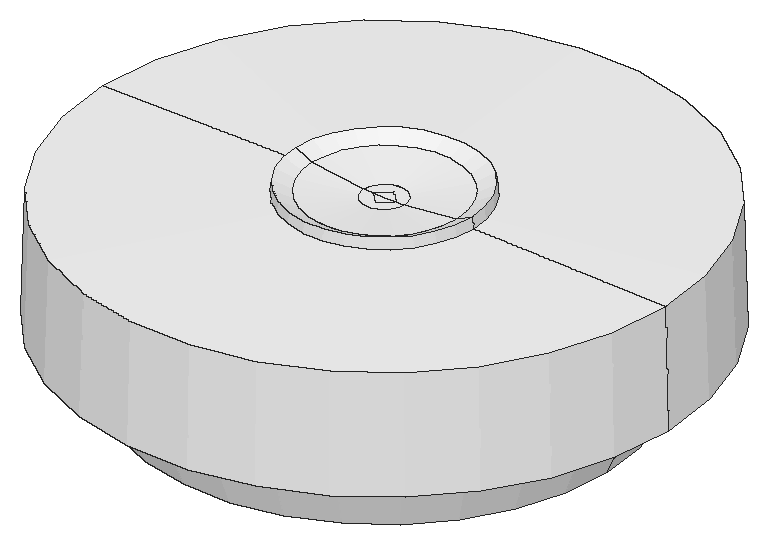
Revit family "Gira_114502", category Electrical Fixtures, host Face, Revit 2017
Family settings
  Host = Face
  Maintain Annotation Orientation = No
  Round Connector Dimension = Use Diameter
  Part Type = Normal
  Cut with Voids When Loaded = No
  Shared = No
  Room Calculation Point = No
Parameters (values of type "SAD Basic Q Smoke alarm device p.white")
  With voltage indication = "No"
  With socket = "Yes"
  With orientation lighting = "No"
  With backup battery = "No"
  Voltage type of supply voltage = "Ac"
  VdS accepted = "No"
  URL = "http://katalog.gira.de/en/datenblatt.html?artikelnr=114502"
  Type of test-/pause button = "Test button"
  Supply voltage = "9 - 9"
  Suitable for duct mounting = "No"
  Standard networkable via radio = "No"
  Standalone = "Yes"
  Smoke switcher = "No"
  Operating principle = "Optic"
  Networkable via radio optional = "No"
  Networkable via cable = "No"
  Name = "SAD Basic Q Smoke alarm device p.white"
  Mounting method = "Surface mounting"
  Manufacturer URL = "https://www.gira.de/"
  Manufacturer = "Gira"
  Loudness = "85"
  Keynote = ""
  HeinzeBIM = "https://bimportal.heinze.de/bim/sad-basic-q-smoke-alarm-device-p-white/8cf41ba53391df8e36dfc9b9fa6a0fecfa96294c"
  Height = "0.0385"
  HAN = "114502"
  GTIN = "4010337013525"
  Explosion-tested version = "No"
  Diameter = "0.125"
  Description = "SAD Basic Q SAD PW,Smoke alarm device Basic Q,,pure white glossy,Increased quality criteria and technical advancements in smoke alarm devices are indicated on the market with the new Q test mark. The new Q-Label is an autonomous, manufacturer-independent quality mark for high-quality smoke alarm devices which undergo special testing for long-term use. The latest generation of Gira smoke alarm devices fulfil the criteria of the new Q-Label quality mark. The smoke alarm devices operate based on the photoelectric scattered light principle without radioactive particles. The smoke alarm devices detect smoke accumulation early and emit a warning signal before the concentration of smoke can become hazardous to people. Alerting occurs via a loud pulsing alarm tone and a flashing LED.,,Features:,- Use in private residential units or similarly inhabited areas only in accordance with DIN 14676.,Q-Label:,- Tested durability and reduction of deceptive alarms.,- Increased stability, e.g. against external factors.,- Permanently installed battery with a service life of up to 10 years.,- Design A as per DIN EN 14604.,- KRIWAN approval.,- Integrated function button for function test.,- Fault indication.,- Weak battery indication."
  Degree of protection (IP) = "IP42"
  Default Elevation = 1219.2 mm
  Data sheet (1) = "https://katalog.gira.de/en/download.html?artikelnr=114502"
  Current supply primary = "Battery/accumulator"
  Colour = "White"
  Category = "Fire detector"
  Cable entry = "Bottom side"
  Backup battery included = "None"
  BIM (1) = "https://media.stage.bim.site/public/gira/36a6b08/Rauchwarnmelder.rfa"
  Available = "No"
Reference planes
  plane 1 "Center (Front/Back)": y = 0
  plane 2: z = 0
  plane 3 "Center (Left/Right)": x = 0
Forms (mm)
  Revolve 1, solid, material "White", detail levels fine
    sketch origin (0, 0, 0) x (1, 0, 0) y (0, 0, 1)
      loop
        line (-59.729, 35.831) -> (-60.451, 12.502) -> (-52.923, 12.502) -> (-47.377, 0) -> (0, 0) -> (0, 35.656) -> (-2.39, 35.656) -> (-4.368, 35.729) -> (-15.386, 36.955) -> (-18.732, 38.567) -> (-18.998, 36.391) -> (-59.729, 35.831)
      axis (0, 38.567) -> (0, 0)
    angle from 0 to 360
  Extrusion 2, solid, material "White", detail levels medium
    sketch origin (0, 0, 0) x (1, 0, 0) y (0, 1, 0)
      loop
        circle (0, 0) r 60.451
    from 0 to 36.391
  Extrusion 3, solid, material "White", detail levels medium
    sketch origin (0, 0, 0) x (1, 0, 0) y (0, 1, 0)
      loop
        circle (0, 0) r 18.998
    from 36.391 to 38.567
  Extrusion 4, solid, material "White", detail levels coarse
    sketch origin (0, 0, 0) x (1, 0, 0) y (0, 1, 0)
      loop
        circle (0, 0) r 60.451
    from 0 to 38.567
Dimensions and locks
  aligned and locked: plane 2 to host face
  aligned and locked: level to host face
Nested families
  nested 1: "DE_Smoke Detector_2" at (0, 0, 0), type "DE_Smoke Detector_2"
Connectors
  electrical at (0, 0, 0)
    settings: on Revolve 1, index 1, voltage 1200 V, apparent load 0 VA, apparent load phase1 0 VA, apparent load phase2 0 VA, apparent load phase3 0 VA, power factor 1, load classification "Other", number of poles 1, system type 30, power factor state 1, is connector primary yes, connector utility no, sub classification motor no, connector description ""
Definition of nested family "DE_Smoke Detector_2"
  Reference planes
    plane 1: y = 0
    plane 2: x = 0
  Lines and regions (mm)
    detail lines
      curve 1: line (-4.553, 4.519, 0) -> (4.553, 4.519, 0)
      curve 2: line (-4.553, 0, 0) -> (-4.553, 4.519, 0)
      curve 3: line (4.553, 0, 0) -> (-4.553, 0, 0)
      curve 4: line (4.553, 4.519, 0) -> (4.553, 0, 0)
      curve 5: line (-3.957, 1.691, 0) -> (-2.262, 3.387, 0)
      curve 6: line (-2.262, 3.387, 0) -> (-0.55, 1.675, 0)
      curve 7: line (-3.363, 1.685, 0) -> (-2.243, 2.806, 0)
      curve 8: line (-2.243, 2.806, 0) -> (-1.128, 1.691, 0)
      curve 9: line (0.909, 2.238, 0) -> (3.668, 2.238, 0)
      curve 10: line (1.72, 0.98, 0) -> (1.72, 2.238, 0)
      curve 11: line (2.848, 2.238, 0) -> (2.848, 0.977, 0)
      curve 12: arc (0.909, 2.238, 0) -> (2.289, 3.617, 0) -> (3.668, 2.238, 0) r 1.38
